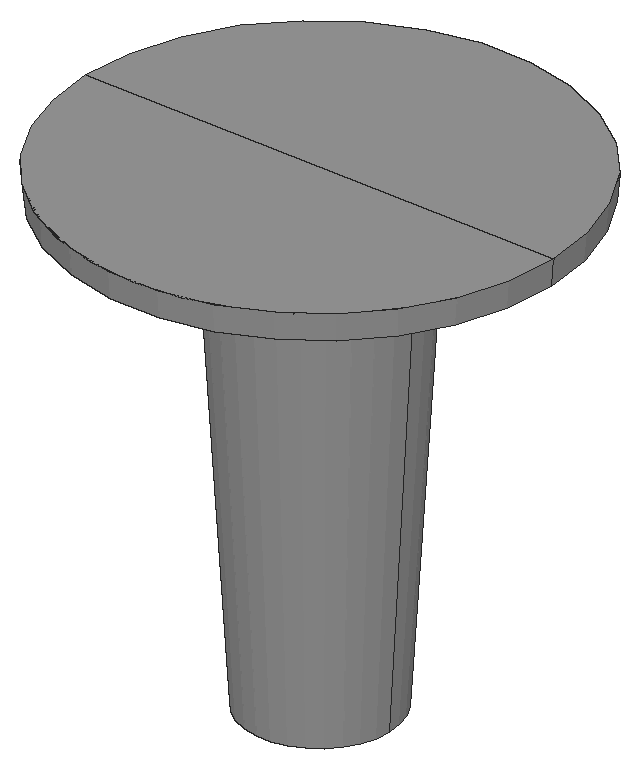
Revit family "ACC-MNT-5", category Security Devices, host Face, Revit 2019
Family settings
  Host = Face
  Maintain Annotation Orientation = Yes
  Round Connector Dimension = Use Diameter
  Part Type = Normal
  Cut with Voids When Loaded = No
  Shared = No
  Room Calculation Point = No
Parameters
  URL = "https://docs.verkada.com/docs/accessories-overview.pdf"
  Type Image = <None>
  Model = "ACC-MNT-5"
  Manufacturer = "VERKADA"  # constant formula
  Description = "MINI PENDANT CAP"
  Default Elevation = 96.00"  # constant formula
Reference planes (in)
  plane 1 "Center (Front/Back)": y = 0
  plane 2: z = 0
  plane 3 "Center (Left/Right)": x = 0
Forms (in)
  Revolve 1, solid, material "Verkada Black"
    sketch origin (0, 0, -6.69291) x (1, 0, 0) y (0, 0, 1)
      loop
        line (0, 10.7397) -> (0, 6.69291) -> (0.59055, 6.69291)
        arc (0.59055, 6.69291) -> (0.76842, 8.46079) -> (0.81133, 10.23708) r 23.34618
        arc (0.81133, 10.23708) -> (0.82963, 10.27502) -> (0.86743, 10.2936) r 0.06458
        arc (0.86743, 10.2936) -> (1.41388, 10.3868) -> (1.94997, 10.52786) r 6.27686
        line (1.94997, 10.52786) -> (1.9685, 10.7397) -> (0, 10.7397)
      axis (0, 10.7397) -> (0, 6.69291)
    angle from 0 to 360
Dimensions and locks (in)
  aligned and locked: plane 2 to host face
  aligned and locked: level to host face
